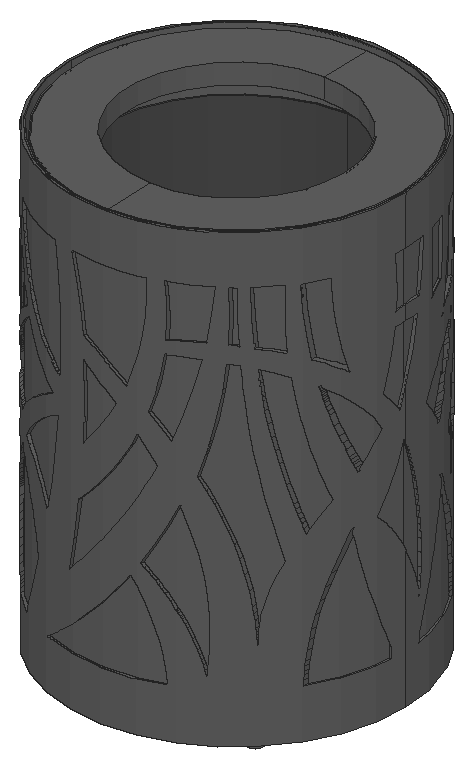
Revit family
Parameters (values of type "TG2-3000")
  URL = "http://www.sitescapesonline.com/index.asp"
  Type Comments = "TallGrass Large,36 Gal. Round, Capacity, Flat Top"
  Shell Material = Steel - SiteScapes - Powder Coat - Onyx
  Model = "TG2-3000"
  Manufacturer = "SiteScapes Inc."  # constant formula
  Liner Type = Liner-Receptacle-SiteScapes-Cylindrical : 36 Gal.
  Lid Type = Lid-Flat_Top-SiteScapes-Circular : 24"
  Diameter = 2' - 0"  # constant formula
  Product Page URL = "http://www.sitescapesonline.com/tallGrass-trash-receptacles.asp"
  Product Documentation Link = "http://www.sitescapesonline.com/pdf/TG2-3000%20-%20Customer%20Print.PDF"
  Height = 2' - 11 1/4"  # constant formula
  Description = "Top Opening, Surface Mount"
  Copyright © = "SiteScapes © 2012"  # constant formula
  Assembly Code = ""
Reference planes (in)
  plane 1 "Center (Front/Back)": y = 0
  plane 2 "Original Bottom": z = 0
  plane 3 "Center (Left/Right)": x = 0
  plane 4 "Left": x = -12
  plane 5 "Right": x = 12
  plane 6 "Front": y = -12
  plane 7 "Back": y = 12
  plane 8 "Support Ring Left": x = -9.4375
  plane 9 "Support Ring Right": x = 9.4375
  plane 10 "Support Ring Right Inset": x = 9.1875
  plane 11 "Support Ring Left Inset": x = -9.1875
  plane 12 "Support Base Right": x = 6.9375
  plane 13 "Support Base Right Inset": x = 6.6875
  plane 14 "Support Base Left": x = -6.9375
  plane 15 "Support Base Left Inset": x = -6.6875
  plane 16 "Support Ring Back": y = 9.43136
  plane 17 "Support Ring Front": y = -9.44364
  plane 18 "Support Ring Front Inset": y = -9.19364
  plane 19 "Support Ring Back Inset": y = 9.18136
  plane 20 "Support Base Front": y = -6.94364
  plane 21 "Support Base Front Inset": y = -6.69364
  plane 22 "Support Base Back": y = 6.93136
  plane 23 "Support Base Back Inset": y = 6.68136
  plane 24 "Bottom": z = 0
  plane 25 "Bottom Strap": z = 2
  plane 26 "Support Left": x = -0.25
  plane 27 "Support Right": x = 0.25
  plane 28 "Support Front": y = -0.25
  plane 29 "Support Back": y = 0.25
  plane 30: x = -3.5
  plane 31: x = 3.5
  plane 32: x = -3.6875
  plane 33: x = -3.3125
  plane 34: x = 3.6875
  plane 35: x = 3.3125
  plane 36 "Top": z = 35.25
  plane 37: y = 0.50268
  plane 38: y = -0.50268
  plane 39: x = -13
  plane 40: x = 13
  plane 41: y = 13
  plane 42: y = -13
  plane 43: x = -0.5
  plane 44: x = 0.5
  plane 45: y = -14.25
  plane 46: y = -12.5
  plane 47: x = -12.5
  plane 48: x = -14.25
  plane 49 "Lid Top": z = 35
Dimensions and locks (in)
  equal spacing: plane 4 "Left", plane 3 "Center (Left/Right)", plane 5 "Right"
  "Diameter": plane 4 "Left" to plane 5 "Right"
  equal spacing: plane 7 "Back", plane 1 "Center (Front/Back)", plane 6 "Front"
  "Diameter": plane 6 "Front" to plane 7 "Back"
  locked: plane 4 "Left" to plane 8 "Support Ring Left" at 2.5625
  locked: plane 5 "Right" to plane 9 "Support Ring Right" at 2.5625
  locked: plane 9 "Support Ring Right" to plane 10 "Support Ring Right Inset" at 0.25
  locked: plane 8 "Support Ring Left" to plane 11 "Support Ring Left Inset" at 0.25
  locked: plane 14 "Support Base Left" to plane 15 "Support Base Left Inset" at 0.25
  locked: plane 12 "Support Base Right" to plane 13 "Support Base Right Inset" at 0.25
  locked: plane 8 "Support Ring Left" to plane 14 "Support Base Left" at 2.5
  locked: plane 9 "Support Ring Right" to plane 12 "Support Base Right" at 2.5
  locked: plane 19 "Support Ring Back Inset" to plane 16 "Support Ring Back" at 0.25
  locked: plane 23 "Support Base Back Inset" to plane 22 "Support Base Back" at 0.25
  locked: plane 20 "Support Base Front" to plane 21 "Support Base Front Inset" at 0.25
  locked: plane 17 "Support Ring Front" to plane 18 "Support Ring Front Inset" at 0.25
  locked: plane 6 "Front" to plane 17 "Support Ring Front" at 2.55636
  locked: plane 16 "Support Ring Back" to plane 7 "Back" at 2.56864
  locked: plane 22 "Support Base Back" to plane 16 "Support Ring Back" at 2.5
  locked: plane 17 "Support Ring Front" to plane 20 "Support Base Front" at 2.5
  equal spacing: plane 29 "Support Back", plane 1 "Center (Front/Back)", plane 28 "Support Front"
  equal spacing: plane 26 "Support Left", plane 3 "Center (Left/Right)", plane 27 "Support Right"
  "Height": plane 36 "Top" to plane 24 "Bottom"
  plane 25 "Bottom Strap" to plane 24 "Bottom" = 0' - 2"
  locked: plane 37 to plane 38 at 1.00537
  equal spacing: plane 38, plane 1 "Center (Front/Back)", plane 37
  locked: plane 36 "Top" to plane 49 "Lid Top" at 0.25
  aligned and locked: plane 2 "Original Bottom" to level
  aligned and locked: plane 3 "Center (Left/Right)" to nested 1
  aligned and locked: plane 1 "Center (Front/Back)" to nested 1
  aligned: plane 25 "Bottom Strap" to nested 1
  aligned and locked: plane 1 "Center (Front/Back)" to nested 2
  aligned: plane 3 "Center (Left/Right)" to nested 2
  aligned and locked: plane 3 "Center (Left/Right)" to nested 3
  aligned and locked: plane 1 "Center (Front/Back)" to nested 3
  aligned and locked: plane 24 "Bottom" to nested 3
  aligned and locked: plane 3 "Center (Left/Right)" to nested 2
  aligned: plane 36 "Top" to nested 2
  aligned and locked: plane 25 "Bottom Strap" to nested 1
  aligned and locked: plane 49 "Lid Top" to nested 2
Nested families (in)
  nested 1: "Liner-Receptacle-SiteScapes-Cylindrical" at (0, 0, 2), type <- "Liner Type", type "36 Gal."
  nested 2: "Lid-Flat_Top-SiteScapes-Circular" at (0, 0, 33.5), type <- "Lid Type", type "24""
    with Radius 1' - 0", Diameter 2' - 0"
  nested 3: "Shell-Surface-SiteScapes-Circular-TallGrass_Large" at (0, 0, 0), type "TallGrass Large"
Definition of nested family "Liner-Receptacle-SiteScapes-Cylindrical"
  Parameters (values of type "36 Gal.")
    URL = "http://www.sitescapesonline.com/index.asp"
    Radius = Diameter / 2  # 0' - 10 1/4"
    Manufacturer = "SiteScapes Inc."  # constant formula
    Diameter = 1' - 8 1/2"
    Product Page URL = ""
    Product Documentation Link = ""
    Material = Polyethelene - SiteScapes - High Density - Black
    Height = 2' - 5 5/8"
    Copyright © = "2010 SiteScapes Inc."  # constant formula
    Assembly Code = ""
  Types (3): name | Height
    40 Gal. | 2' - 8 3/4"
    32 Gal. | 2' - 3 5/8"
    36 Gal. | 2' - 5 5/8"
  Reference planes (in)
    plane 1 "Center (Front/Back)": y = 0
    plane 2 "Original Bottom": z = 0
    plane 3 "Center (Left/Right)": x = 0
    plane 4 "Left": x = -10.25
    plane 5 "Right": x = 10.25
    plane 6 "Front": y = -10.25
    plane 7 "Top": z = 29.625
    plane 8 "Back": y = 10.25
  Forms (in)
    Revolve 1, solid, material "Polyethelene - SiteScapes - High Density - Black" <- "Material", detail levels medium+fine
      sketch origin (0, 0, 0) x (0, 1, 0) y (0, 0, 1)
        loop
          line (10.25, 0) -> (10.25, 29.625) -> (10.125, 29.625) -> (10.125, 0.125) -> (0, 0.125) -> (0, 0) -> (10.25, 0)
        axis (0, 0) -> (0, 29.625)
      angle from 0 to 360
  Lines and regions (in)
    Masking region 1
      outline origin (0, 0, 29.625) x (0, -1, 0) y (1, 0, 0)
        loop
          circle (0, 0) r 10.25
    Masking region 2
      outline origin (0, 0, 0) x (1, 0, 0) y (0, 0, 1)
        loop
          line (-10.25, 29.625) -> (-10.25, 0) -> (10.25, 0) -> (10.25, 29.625) -> (-10.25, 29.625)
    Masking region 3
      outline origin (0, 0, 0) x (0, 1, 0) y (0, 0, 1)
        loop
          line (-10.25, 29.625) -> (-10.25, 0) -> (10.25, 0) -> (10.25, 29.625) -> (-10.25, 29.625)
    model lines, style "Receptor Shell", detail levels coarse
      curve 1: arc (10.25, 0, 29.625) -> (0, 10.25, 29.625) -> (-10.25, 0, 29.625) r 10.25
      curve 2: arc (-10.25, 0, 29.625) -> (0, -10.25, 29.625) -> (10.25, 0, 29.625) r 10.25
      curve 3: arc (10.25, 0, 0) -> (0, 10.25, 0) -> (-10.25, 0, 0) r 10.25
      curve 4: arc (-10.25, 0, 0) -> (0, -10.25, 0) -> (10.25, 0, 0) r 10.25
      curve 5: line (0, 10.25, 0) -> (0, 10.25, 29.625)
      curve 6: line (0, -10.25, 0) -> (0, -10.25, 29.625)
      curve 7: line (-10.25, 0, 0) -> (-10.25, 0, 29.625)
      curve 8: line (10.25, 0, 0) -> (10.25, 0, 29.625)
  Dimensions and locks (in)
    equal spacing: plane 4 "Left", plane 3 "Center (Left/Right)", plane 5 "Right"
    "Diameter": plane 4 "Left" to plane 5 "Right"
    "Height": plane 7 "Top" to plane 2 "Original Bottom"
    equal spacing: plane 8 "Back", plane 1 "Center (Front/Back)", plane 6 "Front"
    "Diameter": plane 6 "Front" to plane 8 "Back"
    aligned and locked: plane 2 "Original Bottom" to level
    aligned and locked: plane 7 "Top" to Revolve 1 sketch curve  (x2)
    aligned and locked: plane 2 "Original Bottom" to Revolve 1 sketch curve  (x2)
    aligned and locked: Revolve 1 sketch curve to plane 1 "Center (Front/Back)"  (x2)
    aligned and locked: plane 8 "Back" to Revolve 1 sketch curve
    aligned and locked: plane 1 "Center (Front/Back)" to Masking region 1 sketch curve  (x2)
    aligned and locked: plane 5 "Right" to Masking region 1 sketch curve
    aligned and locked: plane 4 "Left" to Masking region 1 sketch curve
    aligned and locked: Masking region 2 sketch curve to plane 7 "Top"
    aligned and locked: Masking region 2 sketch curve to plane 4 "Left"
    aligned and locked: Masking region 2 sketch curve to plane 5 "Right"
    aligned and locked: plane 2 "Original Bottom" to Masking region 2 sketch curve
    aligned and locked: Masking region 3 sketch curve to plane 7 "Top"
    aligned and locked: plane 6 "Front" to Masking region 3 sketch curve
    aligned and locked: plane 8 "Back" to Masking region 3 sketch curve
    aligned and locked: plane 2 "Original Bottom" to Masking region 3 sketch curve
    aligned and locked: plane 1 "Center (Front/Back)" to curve 2  (x2)
    aligned and locked: plane 4 "Left" to curve 2
    aligned and locked: plane 5 "Right" to curve 2
    aligned and locked: plane 1 "Center (Front/Back)" to curve 4  (x2)
    aligned and locked: plane 4 "Left" to curve 4
    aligned and locked: plane 5 "Right" to curve 4
    aligned and locked: plane 7 "Top" to curve 8
    aligned and locked: plane 7 "Top" to curve 6
    aligned and locked: plane 7 "Top" to curve 5
    aligned and locked: plane 7 "Top" to curve 7
    aligned and locked: plane 2 "Original Bottom" to curve 8
    aligned and locked: plane 2 "Original Bottom" to curve 6
    aligned and locked: plane 2 "Original Bottom" to curve 5
    aligned and locked: plane 2 "Original Bottom" to curve 7
    aligned and locked: curve 7 to plane 4 "Left"
    aligned and locked: plane 3 "Center (Left/Right)" to curve 5
    aligned and locked: plane 3 "Center (Left/Right)" to curve 6
    aligned and locked: plane 5 "Right" to curve 8
  Automatic sketch dimensions
    Revolve 1 sketch curve to Revolve 1 sketch curve = 0' - 0 1/8"
    level to Revolve 1 sketch curve = 0' - 0 1/8"
Definition of nested family "Lid-Flat_Top-SiteScapes-Circular"
  Parameters (values of type "24"")
    URL = "http://www.sitescapesonline.com/index.asp"
    Radius = Diameter / 2  # 1' - 0 1/2"
    Opening Dieameter = 1' - 4"
    Manufacturer = "SiteScapes Inc."  # constant formula
    Diameter = 2' - 1"
    Product Page URL = ""
    Product Documentation Link = ""
    Material = none
    Height = 0' - 1 1/2"
    Copyright © = "2010 SiteScapes Inc."  # constant formula
    Assembly Code = ""
  Reference planes (in)
    plane 1 "Center (Front/Back)": y = 0
    plane 2 "Original Bottom": z = 0
    plane 3 "Center (Left/Right)": x = 0
    plane 4 "Left": x = -12.5
    plane 5 "Right": x = 12.5
    plane 6 "Front": y = -12.5
    plane 7 "Top": z = 1.5
    plane 8 "Back": y = 12.5
    plane 9 "Opening Back": y = 8
    plane 10 "Opening Front": y = -8
    plane 11 "Opening Left": x = -8
    plane 12 "Opening Right": x = 8
    plane 13 "Middle": z = 0.75
  Forms (in)
    Revolve 1, solid, material <- "Material", detail levels medium+fine
      sketch origin (0, 0, 0) x (0, 1, 0) y (0, 0, 1)
        loop
          line (8, 1.5) -> (8, 0) -> (8.0625, 0) -> (8.0625, 1.4375) -> (11.9375, 1.4375) -> (11.9375, 0) -> (12.5, 0) -> (12.5, 1.5) -> (8, 1.5)
        axis (0, 0) -> (0, 1.5)
      angle from 0 to 360
  Lines and regions (in)
    Masking region 1
      outline origin (0, 0, 0) x (1, 0, 0) y (0, 0, 1)
        loop
          line (-12.5, 1.5) -> (-12.5, 0) -> (12.5, 0) -> (12.5, 1.5) -> (-12.5, 1.5)
    Masking region 2
      outline origin (0, 0, 0) x (0, 1, 0) y (0, 0, 1)
        loop
          line (-12.5, 1.5) -> (-12.5, 0) -> (12.5, 0) -> (12.5, 1.5) -> (-12.5, 1.5)
    Masking region 3
      outline origin (0, 0, 1.5) x (0, -1, 0) y (1, 0, 0)
        loop
          circle (0, 0) r 12.5
        loop
          circle (0, 0) r 8
    model lines, style "Receptor Lid", detail levels coarse
      curve 1: arc (12.5, 0, 0.75) -> (0, 12.5, 0.75) -> (-12.5, 0, 0.75) r 12.5
      curve 2: arc (-12.5, 0, 0.75) -> (0, -12.5, 0.75) -> (12.5, 0, 0.75) r 12.5
      curve 3: arc (8, 0, 0.75) -> (0, 8, 0.75) -> (-8, 0, 0.75) r 8
      curve 4: arc (-8, 0, 0.75) -> (0, -8, 0.75) -> (8, 0, 0.75) r 8
  Dimensions and locks (in)
    equal spacing: plane 4 "Left", plane 3 "Center (Left/Right)", plane 5 "Right"
    "Diameter": plane 4 "Left" to plane 5 "Right"
    "Height": plane 7 "Top" to plane 2 "Original Bottom"
    equal spacing: plane 8 "Back", plane 1 "Center (Front/Back)", plane 6 "Front"
    "Diameter": plane 6 "Front" to plane 8 "Back"
    equal spacing: plane 10 "Opening Front", plane 1 "Center (Front/Back)", plane 9 "Opening Back"
    "Opening Dieameter": plane 9 "Opening Back" to plane 10 "Opening Front"
    equal spacing: plane 11 "Opening Left", plane 3 "Center (Left/Right)", plane 12 "Opening Right"
    "Opening Dieameter": plane 11 "Opening Left" to plane 12 "Opening Right"
    equal spacing: plane 7 "Top", plane 13 "Middle", plane 2 "Original Bottom"
    aligned and locked: plane 2 "Original Bottom" to level
    aligned and locked: plane 7 "Top" to Revolve 1 sketch curve
    aligned and locked: plane 2 "Original Bottom" to Revolve 1 sketch curve  (x2)
    aligned and locked: Revolve 1 sketch curve to plane 1 "Center (Front/Back)"
    aligned and locked: Revolve 1 sketch curve to plane 7 "Top"
    aligned and locked: plane 8 "Back" to Revolve 1 sketch curve
    aligned and locked: Revolve 1 sketch curve to plane 9 "Opening Back"
    aligned and locked: Masking region 1 sketch curve to plane 5 "Right"
    aligned and locked: Masking region 1 sketch curve to plane 4 "Left"
    aligned and locked: Masking region 1 sketch curve to plane 7 "Top"
    aligned and locked: plane 2 "Original Bottom" to Masking region 1 sketch curve
    aligned and locked: plane 6 "Front" to Masking region 2 sketch curve
    aligned and locked: Masking region 2 sketch curve to plane 7 "Top"
    aligned and locked: plane 8 "Back" to Masking region 2 sketch curve
    aligned and locked: plane 2 "Original Bottom" to Masking region 2 sketch curve
    aligned and locked: plane 1 "Center (Front/Back)" to Masking region 3 sketch curve  (x4)
    aligned and locked: plane 5 "Right" to Masking region 3 sketch curve
    aligned and locked: plane 4 "Left" to Masking region 3 sketch curve
    aligned and locked: plane 12 "Opening Right" to Masking region 3 sketch curve
    aligned and locked: plane 11 "Opening Left" to Masking region 3 sketch curve
    aligned and locked: plane 1 "Center (Front/Back)" to curve 2  (x2)
    aligned and locked: plane 4 "Left" to curve 2
    aligned and locked: plane 5 "Right" to curve 2
    aligned and locked: plane 1 "Center (Front/Back)" to curve 4  (x2)
    aligned and locked: plane 11 "Opening Left" to curve 4
    aligned and locked: plane 12 "Opening Right" to curve 4
  Automatic sketch dimensions
    Revolve 1 sketch curve to plane 9 "Opening Back" = 0' - 0 1/16"
    Revolve 1 sketch curve to Revolve 1 sketch curve = 0' - 3 7/8"
    Revolve 1 sketch curve to plane 7 "Top" = 0' - 0 1/16"
    Revolve 1 sketch curve to level = 0' - 0"
Definition of nested family "Shell-Surface-SiteScapes-Circular-TallGrass_Large"
  Parameters (values of type "TallGrass Large")
    Frame Material = Steel - SiteScapes - Powder Coat - Onyx
    Diameter = 2' - 1"  # constant formula
    Assembly Code = ""
  Reference planes (in)
    plane 1 "Center (Front/Back)": y = 0
    plane 2 "Bottom": z = 0
    plane 3 "Center (Left/Right)": x = 0
    plane 4 "Top": z = 35.25
    plane 5 "Pattern Top": z = 31.60549
    plane 6 "Frame Bottom": z = 1.25
    plane 7 "Front": y = -12.5
    plane 8 "Back": y = 12.5
    plane 9 "Right": x = 12.5
    plane 10 "Left": x = -12.5
    plane 11 "Pattern Bottom": z = 4.95965
    plane 12 "Bar Right Offset": x = 0.5
    plane 13 "Bar Left Offset": x = -0.5
    plane 14 "Bar Back Offset": y = 0.5
    plane 15 "Bar Front Offset": y = -0.5
    plane 16 "Support Top": z = 2
    plane 17 "feet Top": z = 0.25
  Forms (in)
    Extrusion 1, solid, material "Steel - SiteScapes - Powder Coat - Onyx" <- "Frame Material", detail levels medium+fine
      sketch origin (0, 0, 0) x (1, 0, 0) y (0, 1, 0)
        loop
          circle (0, 0) r 12.5
        loop
          circle (0, 0) r 12.3125
      from 1.25 to 35.25
    Extrusion 2, void
      sketch origin (0, -12.5, 0) x (1, 0, 0) y (0, 0, 1)
        loop
          arc (-1.36122, 26.4439) -> (0.24667, 25.36227) -> (1.75769, 24.14898) r 22.97244
          arc (1.75769, 24.14898) -> (2.83043, 27.81588) -> (3.06404, 31.62931) r 17.13583
          line (3.06404, 31.62931) -> (-2.32043, 31.62931)
          arc (-2.32043, 31.62931) -> (-1.71806, 29.05932) -> (-1.36122, 26.4439) r 27.90465
        loop
          arc (-3.34779, 22.7008) -> (-3.38694, 27.16557) -> (-3.85894, 31.60549) r 45.98092
          line (-3.85894, 31.60549) -> (-8.43788, 31.60549) -> (-8.31058, 30.83278) -> (-8.15146, 30.07825) -> (-7.9592, 29.3419) -> (-7.73235, 28.62373) -> (-7.46927, 27.92373) -> (-7.16822, 27.24191) -> (-6.82738, 26.57827) -> (-6.4965, 26.01542) -> (-6.13627, 25.47362) -> (-5.74576, 24.95289) -> (-5.32413, 24.45321) -> (-4.81631, 23.92114) -> (-4.27198, 23.42037) -> (-4.09342, 23.2694) -> (-3.91274, 23.1227) -> (-3.75711, 23.00173) -> (-3.57161, 22.86319) -> (-3.34779, 22.7008)
        loop
          arc (-1.38315, 19.27438) -> (-0.04643, 20.92317) -> (1.07613, 22.72462) r 17.13131
          arc (1.07613, 22.72462) -> (-0.10134, 23.81151) -> (-1.36112, 24.80181) r 20.23249
          arc (-1.36112, 24.80181) -> (-1.30405, 22.03782) -> (-1.38315, 19.27438) r 56.1267
        loop
          line (-2.55193, 10.4607) -> (-2.28113, 10.74211) -> (-2.03395, 11.0016) -> (-1.81075, 11.23916) -> (-1.61114, 11.45552) -> (-1.37857, 11.71263) -> (-0.93228, 12.21938) -> (-0.4971, 12.73247) -> (0.01048, 13.35719) -> (0.50277, 13.99337) -> (0.97904, 14.64102) -> (1.56038, 15.48082) -> (2.11287, 16.3377) -> (2.63387, 17.20815) -> (2.83012, 17.55428) -> (3.0233, 17.90566) -> (3.19875, 18.23478) -> (3.3641, 18.55617) -> (3.54621, 18.92085) -> (3.74483, 19.32879)
          arc (3.74483, 19.32879) -> (3.14196, 20.2526) -> (2.48596, 21.13945) r 18.80029
          line (2.48596, 21.13945) -> (2.08599, 20.34418) -> (1.64866, 19.57173) -> (1.17396, 18.82208) -> (0.66212, 18.09525) -> (0.25585, 17.56723) -> (-0.16886, 17.05422) -> (-0.61074, 16.55708) -> (-0.82505, 16.32793) -> (-1.044, 16.1011) -> (-1.235, 15.90979) -> (-1.45709, 15.69423) -> (-1.71896, 15.44531)
          arc (-1.71896, 15.44531) -> (-2.0815, 12.94399) -> (-2.55193, 10.4607) r 58.40038
        loop
          arc (-3.51481, 20.22399) -> (-5.67807, 18.69075) -> (-7.42212, 16.69356) r 11.2437
          arc (-7.42212, 16.69356) -> (-5.80605, 15.19303) -> (-4.69607, 13.28746) r 7.50251
          arc (-4.69607, 13.28746) -> (-3.97906, 16.7342) -> (-3.51481, 20.22399) r 48.33908
        loop
          line (-8.68142, 18.04393) -> (-8.57191, 17.96049) -> (-8.45993, 17.86666) -> (-8.32935, 17.75046) -> (-7.90453, 18.28592) -> (-7.45111, 18.79448) -> (-6.9687, 19.27614) -> (-6.45707, 19.73091) -> (-6.04955, 20.05815) -> (-5.62551, 20.37034) -> (-5.18297, 20.66889) -> (-4.96871, 20.80454) -> (-4.75346, 20.93529) -> (-4.56946, 21.04224) -> (-4.34908, 21.16526) -> (-4.0818, 21.31005)
          arc (-4.0818, 21.31005) -> (-5.67361, 22.93115) -> (-6.96298, 24.80181) r 13.16451
          line (-6.96298, 24.80181) -> (-7.45871, 24.36161) -> (-7.92324, 23.90119) -> (-8.35706, 23.42055) -> (-8.76084, 22.91968) -> (-9.13538, 22.3986) -> (-9.45823, 21.89578) -> (-9.75591, 21.37771) -> (-10.02905, 20.84534) -> (-10.12997, 20.63221) -> (-10.22779, 20.41603) -> (-10.31424, 20.21626) -> (-10.39484, 20.02064) -> (-10.48502, 19.79233) -> (-10.58408, 19.53132) -> (-10.62536, 18.40903) -> (-10.37071, 18.50015) -> (-10.10254, 18.54091) -> (-9.8214, 18.53131) -> (-9.52785, 18.47136) -> (-9.32681, 18.40365) -> (-9.12462, 18.31436) -> (-8.92177, 18.2035) -> (-8.80179, 18.12774) -> (-8.68142, 18.04393)
        loop
          line (-7.93182, 26.86683) -> (-8.15373, 27.48993) -> (-8.35202, 28.12569) -> (-8.52655, 28.77034) -> (-8.6792, 29.42758) -> (-8.72219, 29.63371) -> (-8.76022, 29.82624) -> (-8.7928, 30.0024) -> (-8.83035, 30.21594) -> (-8.87282, 30.46686) -> (-9.16152, 29.46055) -> (-9.41907, 28.44338) -> (-9.64743, 27.41536) -> (-9.84846, 26.37648) -> (-10.02383, 25.3275) -> (-10.18856, 24.16523) -> (-10.32554, 22.99641) -> (-10.35722, 22.68812) -> (-10.38729, 22.37825) -> (-10.41089, 22.11894) -> (-10.43541, 21.83103) -> (-10.46173, 21.50469) -> (-10.48981, 21.13991) -> (-10.20831, 21.75699) -> (-9.89507, 22.34807) -> (-9.54809, 22.91316) -> (-9.16549, 23.45226) -> (-8.85421, 23.83943) -> (-8.5225, 24.21057) -> (-8.1694, 24.56613) -> (-7.99554, 24.72829) -> (-7.81743, 24.88648) -> (-7.66235, 25.01741) -> (-7.4776, 25.16609) -> (-7.254, 25.33919) -> (-7.37608, 25.5844) -> (-7.47623, 25.79163) -> (-7.55885, 25.96959) -> (-7.65315, 26.18188) -> (-7.79676, 26.52329) -> (-7.93182, 26.86683)
        loop
          line (-10.45516, 27.44057) -> (-10.25959, 28.42384) -> (-10.03683, 29.3913) -> (-9.94102, 29.76855) -> (-9.83988, 30.14597) -> (-9.7405, 30.49803) -> (-9.63886, 30.83886) -> (-9.52093, 31.21595) -> (-9.38596, 31.62931) -> (-11.11695, 31.62931) -> (-11.15474, 31.08957) -> (-11.17356, 30.55098) -> (-11.17379, 30.01354) -> (-11.15542, 29.47725) -> (-11.1181, 28.9421) -> (-11.066, 28.44978) -> (-10.99656, 27.96739) -> (-10.90904, 27.49662) -> (-10.84861, 27.22536) -> (-10.78397, 26.9688) -> (-10.71379, 26.72317) -> (-10.62536, 26.44272) -> (-10.45516, 27.44057)
        loop
          line (-9.21059, 16.97765) -> (-9.40369, 17.20741) -> (-9.60456, 17.40666) -> (-9.81196, 17.57539) -> (-10.04778, 17.72594) -> (-10.282, 17.83271) -> (-10.37273, 17.86256) -> (-10.45682, 17.88416) -> (-10.53811, 17.89816) -> (-10.63749, 17.9097)
          arc (-10.63749, 17.9097) -> (-10.64491, 15.60993) -> (-10.57251, 13.31128) r 66.26017
          line (-10.57251, 13.31128) -> (-10.35984, 14.00263) -> (-10.11506, 14.66952) -> (-9.8355, 15.31149) -> (-9.63071, 15.72105) -> (-9.40617, 16.12407) -> (-9.31585, 16.27448) -> (-9.23693, 16.40028) -> (-9.14509, 16.54092) -> (-9.0264, 16.71738) -> (-9.21059, 16.97765)
        loop
          line (-6.41826, 12.16199) -> (-6.66503, 12.77396) -> (-6.92076, 13.3287) -> (-7.1987, 13.86535) -> (-7.49626, 14.38221) -> (-7.63266, 14.60283) -> (-7.77295, 14.82047) -> (-7.91688, 15.0352) -> (-7.99928, 15.15409) -> (-8.06747, 15.24974) -> (-8.15363, 15.36835) -> (-8.25844, 15.51156) -> (-8.59908, 14.93217) -> (-8.91086, 14.34235) -> (-9.19521, 13.7421) -> (-9.45482, 13.12835) -> (-9.59705, 12.75974) -> (-9.73163, 12.38603) -> (-9.86088, 12.00111) -> (-9.91741, 11.82359) -> (-9.96747, 11.66074) -> (-10.01175, 11.51126) -> (-10.06538, 11.32508) -> (-10.12808, 11.10222) -> (-10.01547, 10.59318) -> (-9.91217, 10.11189) -> (-9.81881, 9.65832) -> (-9.72523, 9.17915) -> (-9.63496, 8.69115) -> (-9.54939, 8.20001) -> (-9.46891, 7.70666) -> (-9.39186, 7.19815) -> (-9.32066, 6.68742) -> (-9.25441, 6.16654) -> (-9.22608, 5.92642) -> (-9.20142, 5.70568) -> (-9.18034, 5.50388) -> (-9.15554, 5.2552) -> (-9.127, 4.95965) -> (-7.42212, 4.95965)
          arc (-7.42212, 4.95965) -> (-6.54685, 7.24906) -> (-5.75168, 9.5675) r 70.51315
          line (-5.75168, 9.5675) -> (-5.86934, 10.24093) -> (-6.02021, 10.89782) -> (-6.20352, 11.53817) -> (-6.41826, 12.16199)
        loop
          line (2.25955, 11.45394) -> (2.07091, 11.75961) -> (1.57173, 11.08928) -> (1.0676, 10.45143) -> (0.55932, 9.84606) -> (0.01634, 9.237) -> (-0.54348, 8.64377) -> (-1.11899, 8.06637) -> (-1.78008, 7.43888) -> (-2.45536, 6.83272) -> (-3.13995, 6.24988) -> (-3.4112, 6.02697) -> (-3.68542, 5.80583) -> (-3.94054, 5.60379) -> (-4.18877, 5.41151) -> (-4.4702, 5.1968) -> (-4.78371, 4.95965) -> (4.30675, 4.95965) -> (4.23492, 5.68364) -> (4.12982, 6.3997) -> (3.99114, 7.10783) -> (3.8185, 7.80803) -> (3.61146, 8.50031) -> (3.38765, 9.13634) -> (3.13447, 9.76079) -> (2.85265, 10.37128) -> (2.70961, 10.65453) -> (2.55882, 10.93736) -> (2.42034, 11.1831) -> (2.25955, 11.45394)
        loop
          line (2.71402, 12.699) -> (2.95482, 12.45399) -> (3.17274, 12.2231) -> (3.36801, 12.00632) -> (3.57002, 11.77013) -> (3.76857, 11.52614) -> (3.96052, 11.27801) -> (4.14637, 11.02514) -> (4.47023, 10.55082) -> (4.77216, 10.06318) -> (5.05252, 9.56222) -> (5.37742, 8.90808) -> (5.66667, 8.23696) -> (5.92059, 7.55073) -> (6.02816, 7.22242) -> (6.12867, 6.88945) -> (6.212, 6.5874) -> (6.29594, 6.25381) -> (6.38318, 5.87904) -> (6.47966, 6.82866) -> (6.53725, 7.77538) -> (6.55632, 8.7192) -> (6.53699, 9.66013) -> (6.47914, 10.59816) -> (6.38196, 11.53763) -> (6.27002, 12.32136) -> (6.12996, 13.09926) -> (5.9612, 13.87135) -> (5.76347, 14.63594) -> (5.56564, 15.29947) -> (5.34416, 15.9574) -> (5.2518, 16.21091) -> (5.17172, 16.42053) -> (5.07185, 16.67186) -> (4.95073, 16.96813)
          arc (4.95073, 16.96813) -> (3.93379, 14.78043) -> (2.71402, 12.699) r 25.41871
        loop
          line (11.1316, 11.22843) -> (10.97404, 10.36979) -> (10.8318, 9.49591) -> (10.70781, 8.6068) -> (10.62887, 7.93505) -> (10.56275, 7.25823) -> (10.51033, 6.57882) -> (10.49049, 6.25716) -> (10.47363, 5.9319) -> (10.46196, 5.6492) -> (10.45202, 5.32925) -> (10.44326, 4.95965) -> (12.46803, 4.95965) -> (12.43289, 5.85172) -> (12.3883, 6.72901) -> (12.33654, 7.59154) -> (12.27729, 8.47315) -> (12.21205, 9.36757) -> (12.14251, 10.26894) -> (12.0466, 11.46582) -> (11.94813, 12.67512) -> (11.9224, 12.99152) -> (11.89695, 13.30603) -> (11.87622, 13.56483) -> (11.85299, 13.85833) -> (11.82624, 14.19726) -> (11.79577, 14.58162)
          arc (11.79577, 14.58162) -> (11.55065, 13.32629) -> (11.30105, 12.07185) r 357.29075
          line (11.30105, 12.07185) -> (11.1316, 11.22843)
        loop
          line (9.82671, 13.32288) -> (9.53944, 14.77042) -> (9.26707, 16.22016) -> (9.01294, 17.6721) -> (8.77998, 19.12624) -> (8.5693, 20.59179) -> (8.42984, 21.67598) -> (8.3045, 22.76392) -> (8.19455, 23.84929) -> (8.1552, 24.27953) -> (8.11793, 24.7132) -> (8.08846, 25.08222) -> (8.0587, 25.48605) -> (8.02761, 25.93729) -> (7.99517, 26.43595) -> (7.69434, 26.51754) -> (7.36218, 26.59693)
          arc (7.36218, 26.59693) -> (6.85101, 22.75154) -> (5.92621, 18.98416) r 35.75143
          line (5.92621, 18.98416) -> (6.36689, 18.13205) -> (6.76241, 17.27132) -> (7.11465, 16.40197) -> (7.42806, 15.51665) -> (7.70696, 14.60781) -> (7.94979, 13.68485) -> (8.18043, 12.6368) -> (8.3688, 11.57672) -> (8.51677, 10.50525) -> (8.56934, 10.03132) -> (8.61442, 9.55591) -> (8.65277, 9.07147) -> (8.66787, 8.84856) -> (8.68018, 8.64398) -> (8.68984, 8.45709) -> (8.70044, 8.22662) -> (8.71199, 7.95259)
          arc (8.71199, 7.95259) -> (9.00902, 10.69177) -> (9.82671, 13.32288) r 14.27578
        loop
          line (11.12291, 17.94466) -> (11.05459, 18.30809) -> (10.9847, 18.68496) -> (10.91581, 19.0625) -> (10.84764, 19.44305) -> (10.66634, 20.4977) -> (10.49628, 21.56439) -> (10.34038, 22.64056) -> (10.20105, 23.72454) -> (10.16087, 24.06743) -> (10.12446, 24.3935) -> (10.09329, 24.69108) -> (10.05838, 25.04177) -> (10.01968, 25.44555)
          arc (10.01968, 25.44555) -> (9.38371, 25.8581) -> (8.70115, 26.1879) r 6.05221
          line (8.70115, 26.1879) -> (8.798, 25.23951) -> (8.90324, 24.31806) -> (9.01652, 23.42355) -> (9.14302, 22.514) -> (9.28008, 21.60408) -> (9.42643, 20.69837) -> (9.58135, 19.79658) -> (9.83438, 18.41771) -> (10.10117, 17.0547) -> (10.1732, 16.69842) -> (10.2462, 16.34124) -> (10.30819, 16.0419) -> (10.37721, 15.71273) -> (10.45509, 15.34274) -> (10.5413, 14.93193)
          arc (10.5413, 14.93193) -> (10.9301, 15.87904) -> (11.33876, 16.81774) r 48.57194
          line (11.33876, 16.81774) -> (11.26225, 17.21654) -> (11.19011, 17.59218) -> (11.12291, 17.94466)
        loop
          arc (4.53445, 21.1479) -> (5.48291, 23.92515) -> (6.1807, 26.77572) r 32.97728
          arc (6.1807, 26.77572) -> (5.14796, 26.82595) -> (4.11448, 26.79452) r 13.09102
          arc (4.11448, 26.79452) -> (3.74915, 24.76388) -> (3.16557, 22.78489) r 18.98096
          arc (3.16557, 22.78489) -> (3.87202, 21.9848) -> (4.53445, 21.1479) r 19.85422
        loop
          arc (6.38393, 27.88637) -> (6.64624, 29.75254) -> (6.81691, 31.62931) r 38.49747
          line (6.81691, 31.62931) -> (4.12266, 31.62931)
          arc (4.12266, 31.62931) -> (4.26151, 29.69146) -> (4.21028, 27.74932) r 19.85336
          arc (4.21028, 27.74932) -> (5.29419, 27.86404) -> (6.38393, 27.88637) r 12.83204
        loop
          line (7.87244, 31.62931) -> (7.46309, 31.62931)
          arc (7.46309, 31.62931) -> (7.49709, 29.71661) -> (7.44297, 27.80438) r 41.52658
          line (7.44297, 27.80438) -> (7.92971, 27.7257)
          arc (7.92971, 27.7257) -> (7.87539, 29.67713) -> (7.87244, 31.62931) r 74.17285
        loop
          line (9.81772, 31.62931) -> (8.41021, 31.62931)
          arc (8.41021, 31.62931) -> (8.46606, 29.59836) -> (8.58467, 27.5701) r 65.71763
          arc (8.58467, 27.5701) -> (9.25861, 27.33512) -> (9.89962, 27.02123) r 5.95752
          arc (9.89962, 27.02123) -> (9.80812, 29.32438) -> (9.81772, 31.62931) r 52.54612
        loop
          line (11.46964, 27.69064) -> (11.40076, 28.61575) -> (11.35388, 29.43458) -> (11.32077, 30.25806) -> (11.3133, 30.51697) -> (11.30758, 30.7613) -> (11.30382, 30.98384) -> (11.30066, 31.24829) -> (11.29809, 31.55464) -> (10.3567, 31.55464)
          arc (10.3567, 31.55464) -> (10.47376, 28.99177) -> (10.70117, 26.43633) r 59.51065
          arc (10.70117, 26.43633) -> (11.30089, 25.76117) -> (11.755, 24.98059) r 4.53671
          line (11.755, 24.98059) -> (11.64909, 25.87292) -> (11.55312, 26.77627) -> (11.46964, 27.69064)
        loop
          line (11.97248, 22.49381) -> (11.83649, 22.90634) -> (11.67952, 23.3015) -> (11.50061, 23.67804) -> (11.29658, 24.03912) -> (11.22867, 24.14673) -> (11.16404, 24.24396) -> (11.10318, 24.3307) -> (11.02628, 24.43551) -> (10.93224, 24.55837) -> (10.95699, 24.37934) -> (10.97826, 24.22563) -> (10.99612, 24.09722) -> (11.01188, 23.98512) -> (11.03157, 23.84708) -> (11.05172, 23.70762) -> (11.07233, 23.56672) -> (11.09337, 23.42441) -> (11.13882, 23.12161) -> (11.18516, 22.81821) -> (11.23107, 22.52268) -> (11.35658, 21.73574) -> (11.48452, 20.95632) -> (11.57023, 20.44193) -> (11.6557, 19.93162) -> (11.74168, 19.41758) -> (11.7808, 19.18252) -> (11.81647, 18.96761) -> (11.84888, 18.77256) -> (11.88822, 18.53336) -> (11.93378, 18.25)
          arc (11.93378, 18.25) -> (12.16365, 19.33248) -> (12.34618, 20.42395) r 25.41318
          arc (12.34618, 20.42395) -> (12.29226, 20.89642) -> (12.23371, 21.36835) r 48.51665
          line (12.23371, 21.36835) -> (12.19763, 21.56347) -> (12.16597, 21.72272) -> (12.13818, 21.85301) -> (12.10267, 22.00757) -> (12.0402, 22.25456) -> (11.97248, 22.49381)
      from -11.28242 to 1.9404
    Extrusion 3, void
      sketch origin (0, 12.5, 0) x (1, 0, 0) y (0, 0, -1)
        loop
          arc (-1.36122, -26.4439) -> (-1.71806, -29.05932) -> (-2.32043, -31.62931) r 27.90465
          line (-2.32043, -31.62931) -> (3.06404, -31.62931)
          arc (3.06404, -31.62931) -> (2.83043, -27.81588) -> (1.75769, -24.14898) r 17.13583
          arc (1.75769, -24.14898) -> (0.24667, -25.36227) -> (-1.36122, -26.4439) r 22.97244
        loop
          line (-3.34779, -22.7008) -> (-3.57161, -22.86319) -> (-3.75711, -23.00173) -> (-3.91274, -23.1227) -> (-4.09342, -23.2694) -> (-4.27198, -23.42037) -> (-4.81631, -23.92114) -> (-5.32413, -24.45321) -> (-5.74576, -24.95289) -> (-6.13627, -25.47362) -> (-6.4965, -26.01542) -> (-6.82738, -26.57827) -> (-7.16822, -27.24191) -> (-7.46927, -27.92373) -> (-7.73235, -28.62373) -> (-7.9592, -29.3419) -> (-8.15146, -30.07825) -> (-8.31058, -30.83278) -> (-8.43788, -31.60549) -> (-3.85894, -31.60549)
          arc (-3.85894, -31.60549) -> (-3.38694, -27.16557) -> (-3.34779, -22.7008) r 45.98092
        loop
          arc (-1.38315, -19.27438) -> (-1.30405, -22.03782) -> (-1.36112, -24.80181) r 56.1267
          arc (-1.36112, -24.80181) -> (-0.10134, -23.81151) -> (1.07613, -22.72462) r 20.23249
          arc (1.07613, -22.72462) -> (-0.04643, -20.92317) -> (-1.38315, -19.27438) r 17.13131
        loop
          arc (-2.55193, -10.4607) -> (-2.0815, -12.94399) -> (-1.71896, -15.44531) r 58.40038
          line (-1.71896, -15.44531) -> (-1.45709, -15.69423) -> (-1.235, -15.90979) -> (-1.044, -16.1011) -> (-0.82505, -16.32793) -> (-0.61074, -16.55708) -> (-0.16886, -17.05422) -> (0.25585, -17.56723) -> (0.66212, -18.09525) -> (1.17396, -18.82208) -> (1.64866, -19.57173) -> (2.08599, -20.34418) -> (2.48596, -21.13945)
          arc (2.48596, -21.13945) -> (3.14196, -20.2526) -> (3.74483, -19.32879) r 18.80029
          line (3.74483, -19.32879) -> (3.54621, -18.92085) -> (3.3641, -18.55617) -> (3.19875, -18.23478) -> (3.0233, -17.90566) -> (2.83012, -17.55428) -> (2.63387, -17.20815) -> (2.11287, -16.3377) -> (1.56038, -15.48082) -> (0.97904, -14.64102) -> (0.50277, -13.99337) -> (0.01048, -13.35719) -> (-0.4971, -12.73247) -> (-0.93228, -12.21938) -> (-1.37857, -11.71263) -> (-1.61114, -11.45552) -> (-1.81075, -11.23916) -> (-2.03395, -11.0016) -> (-2.28113, -10.74211) -> (-2.55193, -10.4607)
        loop
          arc (-3.51481, -20.22399) -> (-3.97906, -16.7342) -> (-4.69607, -13.28746) r 48.33908
          arc (-4.69607, -13.28746) -> (-5.80605, -15.19303) -> (-7.42212, -16.69356) r 7.50251
          arc (-7.42212, -16.69356) -> (-5.67807, -18.69075) -> (-3.51481, -20.22399) r 11.2437
        loop
          line (-8.68142, -18.04393) -> (-8.80179, -18.12774) -> (-8.92177, -18.2035) -> (-9.12462, -18.31436) -> (-9.32681, -18.40365) -> (-9.52785, -18.47136) -> (-9.8214, -18.53131) -> (-10.10254, -18.54091) -> (-10.37071, -18.50015) -> (-10.62536, -18.40903) -> (-10.58408, -19.53132) -> (-10.48502, -19.79233) -> (-10.39484, -20.02064) -> (-10.31424, -20.21626) -> (-10.22779, -20.41603) -> (-10.12997, -20.63221) -> (-10.02905, -20.84534) -> (-9.75591, -21.37771) -> (-9.45823, -21.89578) -> (-9.13538, -22.3986) -> (-8.76084, -22.91968) -> (-8.35706, -23.42055) -> (-7.92324, -23.90119) -> (-7.45871, -24.36161) -> (-6.96298, -24.80181)
          arc (-6.96298, -24.80181) -> (-5.67361, -22.93115) -> (-4.0818, -21.31005) r 13.16451
          line (-4.0818, -21.31005) -> (-4.34908, -21.16526) -> (-4.56946, -21.04224) -> (-4.75346, -20.93529) -> (-4.96871, -20.80454) -> (-5.18297, -20.66889) -> (-5.62551, -20.37034) -> (-6.04955, -20.05815) -> (-6.45707, -19.73091) -> (-6.9687, -19.27614) -> (-7.45111, -18.79448) -> (-7.90453, -18.28592) -> (-8.32935, -17.75046) -> (-8.45993, -17.86666) -> (-8.57191, -17.96049) -> (-8.68142, -18.04393)
        loop
          line (-7.93182, -26.86683) -> (-7.79676, -26.52329) -> (-7.65315, -26.18188) -> (-7.55885, -25.96959) -> (-7.47623, -25.79163) -> (-7.37608, -25.5844) -> (-7.254, -25.33919) -> (-7.4776, -25.16609) -> (-7.66235, -25.01741) -> (-7.81743, -24.88648) -> (-7.99554, -24.72829) -> (-8.1694, -24.56613) -> (-8.5225, -24.21057) -> (-8.85421, -23.83943) -> (-9.16549, -23.45226) -> (-9.54809, -22.91316) -> (-9.89507, -22.34807) -> (-10.20831, -21.75699) -> (-10.48981, -21.13991) -> (-10.46173, -21.50469) -> (-10.43541, -21.83103) -> (-10.41089, -22.11894) -> (-10.38729, -22.37825) -> (-10.35722, -22.68812) -> (-10.32554, -22.99641) -> (-10.18856, -24.16523) -> (-10.02383, -25.3275) -> (-9.84846, -26.37648) -> (-9.64743, -27.41536) -> (-9.41907, -28.44338) -> (-9.16152, -29.46055) -> (-8.87282, -30.46686) -> (-8.83035, -30.21594) -> (-8.7928, -30.0024) -> (-8.76022, -29.82624) -> (-8.72219, -29.63371) -> (-8.6792, -29.42758) -> (-8.52655, -28.77034) -> (-8.35202, -28.12569) -> (-8.15373, -27.48993) -> (-7.93182, -26.86683)
        loop
          line (-10.45516, -27.44057) -> (-10.62536, -26.44272) -> (-10.71379, -26.72317) -> (-10.78397, -26.9688) -> (-10.84861, -27.22536) -> (-10.90904, -27.49662) -> (-10.99656, -27.96739) -> (-11.066, -28.44978) -> (-11.1181, -28.9421) -> (-11.15542, -29.47725) -> (-11.17379, -30.01354) -> (-11.17356, -30.55098) -> (-11.15474, -31.08957) -> (-11.11695, -31.62931) -> (-9.38596, -31.62931) -> (-9.52093, -31.21595) -> (-9.63886, -30.83886) -> (-9.7405, -30.49803) -> (-9.83988, -30.14597) -> (-9.94102, -29.76855) -> (-10.03683, -29.3913) -> (-10.25959, -28.42384) -> (-10.45516, -27.44057)
        loop
          line (-9.21059, -16.97765) -> (-9.0264, -16.71738) -> (-9.14509, -16.54092) -> (-9.23693, -16.40028) -> (-9.31585, -16.27448) -> (-9.40617, -16.12407) -> (-9.63071, -15.72105) -> (-9.8355, -15.31149) -> (-10.11506, -14.66952) -> (-10.35984, -14.00263) -> (-10.57251, -13.31128)
          arc (-10.57251, -13.31128) -> (-10.64491, -15.60993) -> (-10.63749, -17.9097) r 66.26017
          line (-10.63749, -17.9097) -> (-10.53811, -17.89816) -> (-10.45682, -17.88416) -> (-10.37273, -17.86256) -> (-10.282, -17.83271) -> (-10.04778, -17.72594) -> (-9.81196, -17.57539) -> (-9.60456, -17.40666) -> (-9.40369, -17.20741) -> (-9.21059, -16.97765)
        loop
          line (-6.41826, -12.16199) -> (-6.20352, -11.53817) -> (-6.02021, -10.89782) -> (-5.86934, -10.24093) -> (-5.75168, -9.5675)
          arc (-5.75168, -9.5675) -> (-6.54685, -7.24906) -> (-7.42212, -4.95965) r 70.51315
          line (-7.42212, -4.95965) -> (-9.127, -4.95965) -> (-9.15554, -5.2552) -> (-9.18034, -5.50388) -> (-9.20142, -5.70568) -> (-9.22608, -5.92642) -> (-9.25441, -6.16654) -> (-9.32066, -6.68742) -> (-9.39186, -7.19815) -> (-9.46891, -7.70666) -> (-9.54939, -8.20001) -> (-9.63496, -8.69115) -> (-9.72523, -9.17915) -> (-9.81881, -9.65832) -> (-9.91217, -10.11189) -> (-10.01547, -10.59318) -> (-10.12808, -11.10222) -> (-10.06538, -11.32508) -> (-10.01175, -11.51126) -> (-9.96747, -11.66074) -> (-9.91741, -11.82359) -> (-9.86088, -12.00111) -> (-9.73163, -12.38603) -> (-9.59705, -12.75974) -> (-9.45482, -13.12835) -> (-9.19521, -13.7421) -> (-8.91086, -14.34235) -> (-8.59908, -14.93217) -> (-8.25844, -15.51156) -> (-8.15363, -15.36835) -> (-8.06747, -15.24974) -> (-7.99928, -15.15409) -> (-7.91688, -15.0352) -> (-7.77295, -14.82047) -> (-7.63266, -14.60283) -> (-7.49626, -14.38221) -> (-7.1987, -13.86535) -> (-6.92076, -13.3287) -> (-6.66503, -12.77396) -> (-6.41826, -12.16199)
        loop
          line (2.25955, -11.45394) -> (2.42034, -11.1831) -> (2.55882, -10.93736) -> (2.70961, -10.65453) -> (2.85265, -10.37128) -> (3.13447, -9.76079) -> (3.38765, -9.13634) -> (3.61146, -8.50031) -> (3.8185, -7.80803) -> (3.99114, -7.10783) -> (4.12982, -6.3997) -> (4.23492, -5.68364) -> (4.30675, -4.95965) -> (-4.78371, -4.95965) -> (-4.4702, -5.1968) -> (-4.18877, -5.41151) -> (-3.94054, -5.60379) -> (-3.68542, -5.80583) -> (-3.4112, -6.02697) -> (-3.13995, -6.24988) -> (-2.45536, -6.83272) -> (-1.78008, -7.43888) -> (-1.11899, -8.06637) -> (-0.54348, -8.64377) -> (0.01634, -9.237) -> (0.55932, -9.84606) -> (1.0676, -10.45143) -> (1.57173, -11.08928) -> (2.07091, -11.75961) -> (2.25955, -11.45394)
        loop
          arc (2.71402, -12.699) -> (3.93379, -14.78043) -> (4.95073, -16.96813) r 25.41871
          line (4.95073, -16.96813) -> (5.07185, -16.67186) -> (5.17172, -16.42053) -> (5.2518, -16.21091) -> (5.34416, -15.9574) -> (5.56564, -15.29947) -> (5.76347, -14.63594) -> (5.9612, -13.87135) -> (6.12996, -13.09926) -> (6.27002, -12.32136) -> (6.38196, -11.53763) -> (6.47914, -10.59816) -> (6.53699, -9.66013) -> (6.55632, -8.7192) -> (6.53725, -7.77538) -> (6.47966, -6.82866) -> (6.38318, -5.87904) -> (6.29594, -6.25381) -> (6.212, -6.5874) -> (6.12867, -6.88945) -> (6.02816, -7.22242) -> (5.92059, -7.55073) -> (5.66667, -8.23696) -> (5.37742, -8.90808) -> (5.05252, -9.56222) -> (4.77216, -10.06318) -> (4.47023, -10.55082) -> (4.14637, -11.02514) -> (3.96052, -11.27801) -> (3.76857, -11.52614) -> (3.57002, -11.77013) -> (3.36801, -12.00632) -> (3.17274, -12.2231) -> (2.95482, -12.45399) -> (2.71402, -12.699)
        loop
          line (11.1316, -11.22843) -> (11.30105, -12.07185)
          arc (11.30105, -12.07185) -> (11.55065, -13.32629) -> (11.79577, -14.58162) r 357.29075
          line (11.79577, -14.58162) -> (11.82624, -14.19726) -> (11.85299, -13.85833) -> (11.87622, -13.56483) -> (11.89695, -13.30603) -> (11.9224, -12.99152) -> (11.94813, -12.67512) -> (12.0466, -11.46582) -> (12.14251, -10.26894) -> (12.21205, -9.36757) -> (12.27729, -8.47315) -> (12.33654, -7.59154) -> (12.3883, -6.72901) -> (12.43289, -5.85172) -> (12.46803, -4.95965) -> (10.44326, -4.95965) -> (10.45202, -5.32925) -> (10.46196, -5.6492) -> (10.47363, -5.9319) -> (10.49049, -6.25716) -> (10.51033, -6.57882) -> (10.56275, -7.25823) -> (10.62887, -7.93505) -> (10.70781, -8.6068) -> (10.8318, -9.49591) -> (10.97404, -10.36979) -> (11.1316, -11.22843)
        loop
          arc (9.82671, -13.32288) -> (9.00902, -10.69177) -> (8.71199, -7.95259) r 14.27578
          line (8.71199, -7.95259) -> (8.70044, -8.22662) -> (8.68984, -8.45709) -> (8.68018, -8.64398) -> (8.66787, -8.84856) -> (8.65277, -9.07147) -> (8.61442, -9.55591) -> (8.56934, -10.03132) -> (8.51677, -10.50525) -> (8.3688, -11.57672) -> (8.18043, -12.6368) -> (7.94979, -13.68485) -> (7.70696, -14.60781) -> (7.42806, -15.51665) -> (7.11465, -16.40197) -> (6.76241, -17.27132) -> (6.36689, -18.13205) -> (5.92621, -18.98416)
          arc (5.92621, -18.98416) -> (6.85101, -22.75154) -> (7.36218, -26.59693) r 35.75143
          line (7.36218, -26.59693) -> (7.69434, -26.51754) -> (7.99517, -26.43595) -> (8.02761, -25.93729) -> (8.0587, -25.48605) -> (8.08846, -25.08222) -> (8.11793, -24.7132) -> (8.1552, -24.27953) -> (8.19455, -23.84929) -> (8.3045, -22.76392) -> (8.42984, -21.67598) -> (8.5693, -20.59179) -> (8.77998, -19.12624) -> (9.01294, -17.6721) -> (9.26707, -16.22016) -> (9.53944, -14.77042) -> (9.82671, -13.32288)
        loop
          line (11.12291, -17.94466) -> (11.19011, -17.59218) -> (11.26225, -17.21654) -> (11.33876, -16.81774)
          arc (11.33876, -16.81774) -> (10.9301, -15.87904) -> (10.5413, -14.93193) r 48.57194
          line (10.5413, -14.93193) -> (10.45509, -15.34274) -> (10.37721, -15.71273) -> (10.30819, -16.0419) -> (10.2462, -16.34124) -> (10.1732, -16.69842) -> (10.10117, -17.0547) -> (9.83438, -18.41771) -> (9.58135, -19.79658) -> (9.42643, -20.69837) -> (9.28008, -21.60408) -> (9.14302, -22.514) -> (9.01652, -23.42355) -> (8.90324, -24.31806) -> (8.798, -25.23951) -> (8.70115, -26.1879)
          arc (8.70115, -26.1879) -> (9.38371, -25.8581) -> (10.01968, -25.44555) r 6.05221
          line (10.01968, -25.44555) -> (10.05838, -25.04177) -> (10.09329, -24.69108) -> (10.12446, -24.3935) -> (10.16087, -24.06743) -> (10.20105, -23.72454) -> (10.34038, -22.64056) -> (10.49628, -21.56439) -> (10.66634, -20.4977) -> (10.84764, -19.44305) -> (10.91581, -19.0625) -> (10.9847, -18.68496) -> (11.05459, -18.30809) -> (11.12291, -17.94466)
        loop
          arc (4.53445, -21.1479) -> (3.87202, -21.9848) -> (3.16557, -22.78489) r 19.85422
          arc (3.16557, -22.78489) -> (3.74915, -24.76388) -> (4.11448, -26.79452) r 18.98096
          arc (4.11448, -26.79452) -> (5.14796, -26.82595) -> (6.1807, -26.77572) r 13.09102
          arc (6.1807, -26.77572) -> (5.48291, -23.92515) -> (4.53445, -21.1479) r 32.97728
        loop
          arc (6.38393, -27.88637) -> (5.29419, -27.86404) -> (4.21028, -27.74932) r 12.83204
          arc (4.21028, -27.74932) -> (4.26151, -29.69146) -> (4.12266, -31.62931) r 19.85336
          line (4.12266, -31.62931) -> (6.81691, -31.62931)
          arc (6.81691, -31.62931) -> (6.64624, -29.75254) -> (6.38393, -27.88637) r 38.49747
        loop
          arc (7.87244, -31.62931) -> (7.87539, -29.67713) -> (7.92971, -27.7257) r 74.17285
          line (7.92971, -27.7257) -> (7.44297, -27.80438)
          arc (7.44297, -27.80438) -> (7.49709, -29.71661) -> (7.46309, -31.62931) r 41.52658
          line (7.46309, -31.62931) -> (7.87244, -31.62931)
        loop
          arc (9.81772, -31.62931) -> (9.80812, -29.32438) -> (9.89962, -27.02123) r 52.54612
          arc (9.89962, -27.02123) -> (9.25861, -27.33512) -> (8.58467, -27.5701) r 5.95752
          arc (8.58467, -27.5701) -> (8.46606, -29.59836) -> (8.41021, -31.62931) r 65.71763
          line (8.41021, -31.62931) -> (9.81772, -31.62931)
        loop
          line (11.46964, -27.69064) -> (11.55312, -26.77627) -> (11.64909, -25.87292) -> (11.755, -24.98059)
          arc (11.755, -24.98059) -> (11.30089, -25.76117) -> (10.70117, -26.43633) r 4.53671
          arc (10.70117, -26.43633) -> (10.47376, -28.99177) -> (10.3567, -31.55464) r 59.51065
          line (10.3567, -31.55464) -> (11.29809, -31.55464) -> (11.30066, -31.24829) -> (11.30382, -30.98384) -> (11.30758, -30.7613) -> (11.3133, -30.51697) -> (11.32077, -30.25806) -> (11.35388, -29.43458) -> (11.40076, -28.61575) -> (11.46964, -27.69064)
        loop
          line (11.97248, -22.49381) -> (12.0402, -22.25456) -> (12.10267, -22.00757) -> (12.13818, -21.85301) -> (12.16597, -21.72272) -> (12.19763, -21.56347) -> (12.23371, -21.36835)
          arc (12.23371, -21.36835) -> (12.29226, -20.89642) -> (12.34618, -20.42395) r 48.51665
          arc (12.34618, -20.42395) -> (12.16365, -19.33248) -> (11.93378, -18.25) r 25.41318
          line (11.93378, -18.25) -> (11.88822, -18.53336) -> (11.84888, -18.77256) -> (11.81647, -18.96761) -> (11.7808, -19.18252) -> (11.74168, -19.41758) -> (11.6557, -19.93162) -> (11.57023, -20.44193) -> (11.48452, -20.95632) -> (11.35658, -21.73574) -> (11.23107, -22.52268) -> (11.18516, -22.81821) -> (11.13882, -23.12161) -> (11.09337, -23.42441) -> (11.07233, -23.56672) -> (11.05172, -23.70762) -> (11.03157, -23.84708) -> (11.01188, -23.98512) -> (10.99612, -24.09722) -> (10.97826, -24.22563) -> (10.95699, -24.37934) -> (10.93224, -24.55837) -> (11.02628, -24.43551) -> (11.10318, -24.3307) -> (11.16404, -24.24396) -> (11.22867, -24.14673) -> (11.29658, -24.03912) -> (11.50061, -23.67804) -> (11.67952, -23.3015) -> (11.83649, -22.90634) -> (11.97248, -22.49381)
      from -11.28242 to 1.9404
    Extrusion 4, void
      sketch origin (-12.5, 0, 0) x (0, 1, 0) y (0, 0, 1)
        loop
          line (4.01347, 14.63594) -> (3.81564, 15.29947) -> (3.59416, 15.9574) -> (3.5018, 16.21091) -> (3.42172, 16.42053) -> (3.32185, 16.67186) -> (3.20073, 16.96813)
          arc (3.20073, 16.96813) -> (2.18379, 14.78043) -> (0.96402, 12.699) r 25.41871
          line (0.96402, 12.699) -> (1.20482, 12.45399) -> (1.42274, 12.2231) -> (1.61801, 12.00632) -> (1.82002, 11.77013) -> (2.01857, 11.52614) -> (2.21052, 11.27801) -> (2.39637, 11.02514) -> (2.72023, 10.55082) -> (3.02216, 10.06318) -> (3.30252, 9.56222) -> (3.62742, 8.90808) -> (3.91667, 8.23696) -> (4.17059, 7.55073) -> (4.27816, 7.22242) -> (4.37867, 6.88945) -> (4.462, 6.5874) -> (4.54594, 6.25381) -> (4.63318, 5.87904) -> (4.72966, 6.82866) -> (4.78725, 7.77538) -> (4.80632, 8.7192) -> (4.78699, 9.66013) -> (4.72914, 10.59816) -> (4.63196, 11.53763) -> (4.52002, 12.32136) -> (4.37996, 13.09926) -> (4.2112, 13.87135) -> (4.01347, 14.63594)
        loop
          arc (1.99483, 19.32879) -> (1.39196, 20.2526) -> (0.73596, 21.13945) r 18.80029
          line (0.73596, 21.13945) -> (0.33599, 20.34418) -> (-0.10134, 19.57173) -> (-0.57604, 18.82208) -> (-1.08788, 18.09525) -> (-1.49415, 17.56723) -> (-1.91886, 17.05422) -> (-2.36074, 16.55708) -> (-2.57505, 16.32793) -> (-2.794, 16.1011) -> (-2.985, 15.90979) -> (-3.20709, 15.69423) -> (-3.46896, 15.44531)
          arc (-3.46896, 15.44531) -> (-3.8315, 12.94399) -> (-4.30193, 10.4607) r 58.40038
          line (-4.30193, 10.4607) -> (-4.03113, 10.74211) -> (-3.78395, 11.0016) -> (-3.56075, 11.23916) -> (-3.36114, 11.45552) -> (-3.12857, 11.71263) -> (-2.68228, 12.21938) -> (-2.2471, 12.73247) -> (-1.73952, 13.35719) -> (-1.24723, 13.99337) -> (-0.77096, 14.64102) -> (-0.18962, 15.48082) -> (0.36287, 16.3377) -> (0.88387, 17.20815) -> (1.08012, 17.55428) -> (1.2733, 17.90566) -> (1.44875, 18.23478) -> (1.6141, 18.55617) -> (1.79621, 18.92085) -> (1.99483, 19.32879)
        loop
          line (1.63765, 9.13634) -> (1.38447, 9.76079) -> (1.10265, 10.37128) -> (0.95961, 10.65453) -> (0.80882, 10.93736) -> (0.67034, 11.1831) -> (0.50955, 11.45394) -> (0.32091, 11.75961) -> (-0.17827, 11.08928) -> (-0.6824, 10.45143) -> (-1.19068, 9.84606) -> (-1.73366, 9.237) -> (-2.29348, 8.64377) -> (-2.86899, 8.06637) -> (-3.53008, 7.43888) -> (-4.20536, 6.83272) -> (-4.88995, 6.24988) -> (-5.1612, 6.02697) -> (-5.43542, 5.80583) -> (-5.69054, 5.60379) -> (-5.93877, 5.41151) -> (-6.2202, 5.1968) -> (-6.53371, 4.95965) -> (2.55675, 4.95965) -> (2.48492, 5.68364) -> (2.37982, 6.3997) -> (2.24114, 7.10783) -> (2.0685, 7.80803) -> (1.86146, 8.50031) -> (1.63765, 9.13634)
        loop
          arc (-0.67387, 22.72462) -> (-1.85134, 23.81151) -> (-3.11112, 24.80181) r 20.23249
          arc (-3.11112, 24.80181) -> (-3.05405, 22.03782) -> (-3.13315, 19.27438) r 56.1267
          arc (-3.13315, 19.27438) -> (-1.79643, 20.92317) -> (-0.67387, 22.72462) r 17.13131
        loop
          arc (2.78445, 21.1479) -> (3.73291, 23.92515) -> (4.4307, 26.77572) r 32.97728
          arc (4.4307, 26.77572) -> (3.39796, 26.82595) -> (2.36448, 26.79452) r 13.09102
          arc (2.36448, 26.79452) -> (1.99915, 24.76388) -> (1.41557, 22.78489) r 18.98096
          arc (1.41557, 22.78489) -> (2.12202, 21.9848) -> (2.78445, 21.1479) r 19.85422
        loop
          arc (0.00769, 24.14898) -> (1.08043, 27.81588) -> (1.31404, 31.62931) r 17.13583
          line (1.31404, 31.62931) -> (-4.07043, 31.62931)
          arc (-4.07043, 31.62931) -> (-3.46806, 29.05932) -> (-3.11122, 26.4439) r 27.90465
          arc (-3.11122, 26.4439) -> (-1.50333, 25.36227) -> (0.00769, 24.14898) r 22.97244
        loop
          arc (4.63393, 27.88637) -> (4.89624, 29.75254) -> (5.06691, 31.62931) r 38.49747
          line (5.06691, 31.62931) -> (2.37266, 31.62931)
          arc (2.37266, 31.62931) -> (2.51151, 29.69146) -> (2.46028, 27.74932) r 19.85336
          arc (2.46028, 27.74932) -> (3.54419, 27.86404) -> (4.63393, 27.88637) r 12.83204
      from -5.44498 to 12
    Extrusion 5, void
      sketch origin (12.5, 0, 0) x (0, 1, 0) y (0, 0, 1)
        loop
          line (-2.41098, 14.824) -> (-2.17018, 14.57899) -> (-1.95226, 14.3481) -> (-1.75699, 14.13132) -> (-1.55498, 13.89513) -> (-1.35643, 13.65114) -> (-1.16448, 13.40301) -> (-0.97863, 13.15014) -> (-0.65477, 12.67582) -> (-0.35284, 12.18818) -> (-0.07248, 11.68722) -> (0.25242, 11.03308) -> (0.54167, 10.36196) -> (0.79559, 9.67573) -> (0.90316, 9.34742) -> (1.00367, 9.01445) -> (1.087, 8.7124) -> (1.17094, 8.37881) -> (1.25818, 8.00404) -> (1.35466, 8.95366) -> (1.41225, 9.90038) -> (1.43132, 10.8442) -> (1.41199, 11.78513) -> (1.35414, 12.72316) -> (1.25696, 13.66263) -> (1.14502, 14.44636) -> (1.00496, 15.22426) -> (0.8362, 15.99635) -> (0.63847, 16.76094) -> (0.44064, 17.42447) -> (0.21916, 18.0824) -> (0.1268, 18.33591) -> (0.04672, 18.54553) -> (-0.05315, 18.79686) -> (-0.17427, 19.09313)
          arc (-0.17427, 19.09313) -> (-1.19121, 16.90543) -> (-2.41098, 14.824) r 25.41871
        loop
          arc (-1.95943, 22.78489) -> (-1.25298, 21.9848) -> (-0.59055, 21.1479) r 19.85422
          arc (-0.59055, 21.1479) -> (0.35791, 23.92515) -> (1.0557, 26.77572) r 32.97728
          arc (1.0557, 26.77572) -> (0.02296, 26.82595) -> (-1.01052, 26.79452) r 13.09102
          arc (-1.01052, 26.79452) -> (-1.37585, 24.76388) -> (-1.95943, 22.78489) r 18.98096
        loop
          arc (-0.91472, 27.74932) -> (0.16919, 27.86404) -> (1.25893, 27.88637) r 12.83204
          arc (1.25893, 27.88637) -> (1.52124, 29.75254) -> (1.69191, 31.62931) r 38.49747
          line (1.69191, 31.62931) -> (-1.00234, 31.62931)
          arc (-1.00234, 31.62931) -> (-0.86349, 29.69146) -> (-0.91472, 27.74932) r 19.85336
        loop
          line (4.18288, 31.62931) -> (2.77538, 31.62931)
          arc (2.77538, 31.62931) -> (2.78498, 29.32438) -> (2.69348, 27.02123) r 52.54612
          arc (2.69348, 27.02123) -> (3.33449, 27.33512) -> (4.00843, 27.5701) r 5.95752
          arc (4.00843, 27.5701) -> (4.12703, 29.59836) -> (4.18288, 31.62931) r 65.71763
      from -4.34157 to 0.80131
    Revolve 6, solid, material "Steel - SiteScapes - Powder Coat - Onyx" <- "Frame Material", detail levels medium+fine
      sketch origin (0, 0, 0) x (1, 0, 0) y (0, 0, 1)
        loop
          line (10.25, 0.25) -> (10.25, 1.25) -> (10.0625, 1.25) -> (10.0625, 0.25) -> (10.25, 0.25)
        axis (0, 0.25) -> (0, 1.25)
      angle from 0 to 360
    Extrusion 7, solid, material "Steel - SiteScapes - Powder Coat - Onyx" <- "Frame Material", detail levels medium+fine
      sketch origin (0, 0, 0) x (1, 0, 0) y (0, 1, 0)
        loop
          line (12.30234, 0.5) -> (0.5, 0.5) -> (0.5, 12.30234)
          arc (0.5, 12.30234) -> (0, 12.3125) -> (-0.5, 12.30234) r 12.3125
          line (-0.5, 12.30234) -> (-0.5, 0.5) -> (-12.30234, 0.5)
          arc (-12.30234, 0.5) -> (-12.3125, 0) -> (-12.30234, -0.5) r 12.3125
          line (-12.30234, -0.5) -> (-0.5, -0.5) -> (-0.5, -12.30234)
          arc (-0.5, -12.30234) -> (0, -12.3125) -> (0.5, -12.30234) r 12.3125
          line (0.5, -12.30234) -> (0.5, -0.5) -> (12.30234, -0.5)
          arc (12.30234, -0.5) -> (12.3125, 0) -> (12.30234, 0.5) r 12.3125
      from 1.25 to 2
    Extrusion 8, solid, material "Steel - SiteScapes - Powder Coat - Onyx" <- "Frame Material", detail levels medium+fine
      sketch origin (0, 0, 0) x (1, 0, 0) y (0, 1, 0)
        loop
          arc (1.08729, 6.9556) -> (1.6175, 6.03707) -> (2.53611, 6.56712) r 0.75
          line (2.53611, 6.56712) -> (3.24793, 9.22366)
          arc (3.24793, 9.22366) -> (2.7176, 10.14222) -> (1.79904, 9.61189) r 0.75
          line (1.79904, 9.61189) -> (1.08729, 6.9556)
        loop
          circle (1.81173, 6.76148) r 0.2656
        loop
          arc (5.48041, -4.41975) -> (4.41942, -4.41942) -> (4.41975, -5.48041) r 0.75
          line (4.41975, -5.48041) -> (6.36396, -7.42462)
          arc (6.36396, -7.42462) -> (7.42462, -7.42462) -> (7.42462, -6.36396) r 0.75
          line (7.42462, -6.36396) -> (5.48041, -4.41975)
        loop
          circle (4.94975, -4.94975) r 0.2656
        loop
          arc (-6.56712, -2.53611) -> (-6.03707, -1.6175) -> (-6.9556, -1.08729) r 0.75
          line (-6.9556, -1.08729) -> (-9.61189, -1.79904)
          arc (-9.61189, -1.79904) -> (-10.14222, -2.7176) -> (-9.22366, -3.24793) r 0.75
          line (-9.22366, -3.24793) -> (-6.56712, -2.53611)
        loop
          circle (-6.76148, -1.81173) r 0.2656
      from 0 to 0.25
    Extrusion 9, solid, material "Steel - SiteScapes - Powder Coat - Matte Black", detail levels medium+fine
      sketch origin (0, 0, 0) x (1, 0, 0) y (0, 1, 0)
        loop
          circle (0, 0) r 12.3125
        loop
          circle (0, 0) r 12.25
      from 1.25 to 35.25
